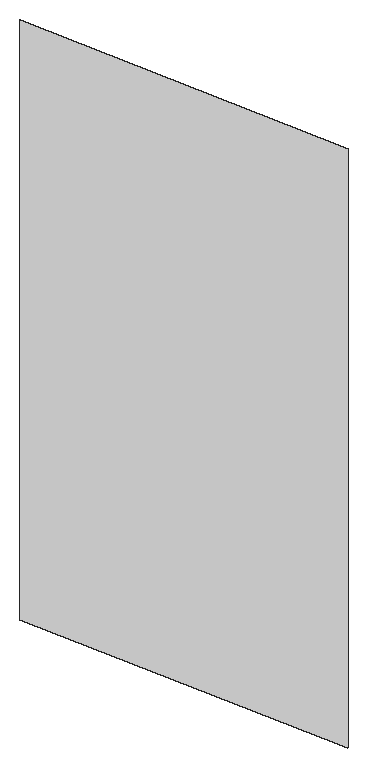
Revit family
Parameters (values of type "단일")
  폭 = 70 mm
  장착 높이 = 1200 mm
  레이블 = "3"
  높이 = 115 mm
  재료 = 플라스틱 - 흰색
Reference planes
  plane 1: y = 0
  plane 2 "중심(왼쪽/오른쪽)": x = 125
  plane 3 "뒤로": y = 75
  plane 4: z = 1200
  plane 5: x = 90
  plane 6: x = 160
  plane 7: z = 1257.5
  plane 8: z = 1142.5
  plane 9: y = 80
Forms (mm)
  Blend 1, solid, material "플라스틱 - 흰색" <- "재료"
    base sketch origin (0, 75, 0) x (1, 0, 0) y (0, 0, 1)
      loop
        line (160, 1257.5) -> (90, 1257.5) -> (90, 1142.5) -> (160, 1142.5) -> (160, 1257.5)
    top sketch origin (0, 75, 0) x (1, 0, 0) y (0, 0, 1)
      loop
        line (155, 1252.5) -> (95, 1252.5) -> (95, 1147.5) -> (155, 1147.5) -> (155, 1252.5)
    from 0 to -5
Text (mm)
  text "측면 배치" at (0, 1270.507, 3001.832), in view "왼쪽"
  text "측면 배치" at (0, 530.812, 2999.686), in view "오른쪽"
Dimensions and locks
  locked: plane 3 "뒤로" to host wall
  "높이": plane 8 to plane 7
  "폭": plane 5 to plane 6
  equal spacing: plane 8, plane 4, plane 7
  equal spacing: plane 5, plane 2 "중심(왼쪽/오른쪽)", plane 6
  "장착 높이": level to plane 4
  locked: plane 3 "뒤로" to plane 9 at 5
  aligned and locked: plane 1 to host wall
  aligned and locked: plane 6 to Blend 1 sketch curve
  aligned and locked: Blend 1 sketch curve to plane 7
  aligned and locked: plane 8 to Blend 1 sketch curve
  aligned and locked: plane 5 to Blend 1 sketch curve
  aligned and locked: plane 3 "뒤로" to Blend 1
  aligned and locked: Blend 1 to plane 9
  aligned and locked: plane 3 "뒤로" to nested 1
Automatic sketch dimensions
  Blend 1 sketch curve to plane 5 = 5 mm
  plane 6 to Blend 1 sketch curve = 5 mm
  Blend 1 sketch curve to plane 8 = 5 mm
  plane 7 to Blend 1 sketch curve = 5 mm
Nested families
  nested 1: "레이블이 있는 스위치 주석" at (125, 75, 0), type "레이블이 있는 스위치 주석"
Definition of nested family "레이블이 있는 스위치 주석"
  Parameters
    레이블 = "D"
  Reference planes
    plane 1: y = 0
    plane 2: x = 0
  Lines and regions (mm)
    detail lines
      curve 1: arc (0.687, 4.366, 0) -> (-0.687, 4.366, 0) -> (0, 3.175, 0) r 0.794
      curve 2: arc (-0.846, 1.687, 0) -> (0.876, 1.693, 0) -> (0, 3.175, 0) r 0.992
      curve 3: line (0, 1.191, 0) -> (0, 0.222, 0)
  Text (mm)
    label "레이블" at (2.034, 1.9, 0), shows "레이블"
